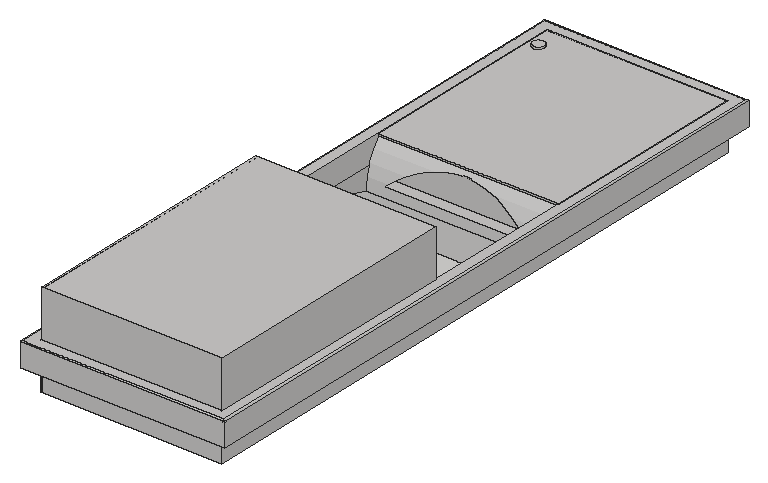
Revit family "rba-bim-B3942", category Specialty Equipment, host Face, Revit 2018
Family settings
  Host = Face
  Round Connector Dimension = Use Diameter
  Part Type = Normal
  OmniClass Number = 23.40.20.21
  OmniClass Title = Toilet and Bath Specialties
  Cut with Voids When Loaded = No
  Shared = No
  Room Calculation Point = No
Parameters (values of type "B-3942")
  Warranty Duration (Years) = 0
  Unit Width = 445.00 mm
  Unit Height = 1430.00 mm
  Unit Depth = 207.963 mm
  URL = "www.rba.com.au"
  Test Data = ""
  Specification = ""
  SpecWizard = ""
  Send Message = "http://www.arcat.com/users.pl?action=UserEmail&company=Bobrick+Washroom+Equipment,+Inc.&coid=30988&rep=156&fax=818-503-1930&mf="
  Sales Information = "http://www.bobrick.com/Pages/ContactUs.aspx"
  Revision = "R1_10_2012"
  Recess Into Host = 50.80 mm
  Product Properties = ""
  Product Data = "http://arcat.com/arcatcos/cos30/arc30988.html?isac=1&r=1"
  Mounting Height [instance] = 1509.319 mm
  Modified Issue = "20210624.01"
  Model = "B3942"
  Materials and Finishes = Stainless Steel - Satin
  Manufacturer Website = "http://www.bobrick.com/Pages/default.aspx"
  Manufacturer Phone - Toll Free = ""
  Manufacturer Phone = "818-764-1000"
  Manufacturer Fax = "818-503-1930"
  Manufacturer Address = "11611 Hart St. North Hollywood, CA 91605-5882"
  Manufacturer = "Bobrick Washroom Equipment, Inc."
  Maintenance Schedule (Months) = 0
  Keynote = "102813"
  Installation-Fabrication = "http://www.bobrick.com/washroomaccessories/Pages/WashroomAccessories.aspx"
  Installation Phase = ""
  Green Building-LEED = ""
  Expected Lifespan (Years) = 0
  Drawn By = "Sumex Design, Inc. / Robert S. Weygant, CSI, CDT, SCIP"
  Description = "Semi-Recessed Convertible Combination Towel and Waste Unit"
  Default Elevation = 1219.20 mm
  Copyright by = "RBA Group"  # constant formula
  Construction Details = ""
  Capacity = "600 C-fold Towels  ;  800 Multifold Towels  ;  12 gal Waste"
  Building Codes = ""
  Assembly Code = "E1090900"
Reference planes
  plane 1 "Center (Front/Back)": y = -320.994
  plane 2: z = 0.4
  plane 3 "Center (Left/Right)": x = 0
  plane 4: y = 394.006
  plane 5: y = -1035.994
  plane 6: x = -222.5
  plane 7: x = 222.5
  plane 8: z = -47.438
  plane 9: z = 51.2
  plane 10: z = 55.962
  plane 11: z = 157.562
  plane 12 "ADA MOUNT LINE": y = -112.406
  plane 13 "FF": y = -1140.313
  plane 14: y = 369.006
  plane 15: z = 52.562
Forms (mm)
  Sweep 1, solid, material "Stainless Steel - Satin" <- "Materials and Finishes"
    path origin (0, 0, 0) x (1, 0, 0) y (0, 1, 0)
      loop
        line (-197.5, 369.006) -> (-197.5, -1010.994) -> (197.5, -1010.994) -> (197.5, 369.006) -> (-197.5, 369.006)
    profile origin (0, 369.006, 0) x (0, 1, 0) y (0, 0, 1)
      loop
        line (25.4, 3) -> (25.4, 52.562)
        arc (25.4, 52.562) -> (24.521, 54.684) -> (22.4, 55.562) r 3
        line (22.4, 55.562) -> (0, 55.562) -> (0, 3) -> (25.4, 3)
  Extrusion 2, void
    sketch origin (0, 0, 0) x (1, 0, 0) y (0, 1, 0)
      loop
        line (-207.419, 378.925) -> (-207.419, -1020.913) -> (207.419, -1020.913) -> (207.419, 378.925) -> (-207.419, 378.925)
    from 71.438 to -47.438
  Extrusion 3, solid, material "Stainless Steel - Satin" <- "Materials and Finishes"
    sketch origin (-25.003, 0, 0) x (1, 0, 0) y (0, 1, 0)
      loop
        line (-171.053, 367.981) -> (-171.053, -1009.969) -> (221.059, -1009.969) -> (221.059, 367.981) -> (-171.053, 367.981)
      loop
        line (-173.434, -1012.35) -> (223.441, -1012.35) -> (223.441, 370.362) -> (-173.434, 370.362) -> (-173.434, -1012.35)
    from -47.438 to 3
  Extrusion 4, solid, material "Stainless Steel - Satin" <- "Materials and Finishes"
    sketch origin (0, 0, 50.987) x (1, 0, 0) y (0, 1, 0)
      loop
        line (-194.719, -1010.594) -> (194.719, -1010.594) -> (194.719, 366.225) -> (-194.719, 366.225) -> (-194.719, -1010.594)
    from -98.425 to -95.25
  Extrusion 5, void
    sketch origin (0, -320.994, 8.731) x (1, 0, 0) y (0, 0, 1)
      loop
        line (-156.619, -29.312) -> (156.619, -29.312)
        arc (156.619, -29.312) -> (0, 32.632) -> (-156.619, -29.312) r 228.97
    from -154.571 to -224.397
  Extrusion 6, solid, material "Stainless Steel - Satin" <- "Materials and Finishes"
    sketch origin (-300.688, -1035.994, 1220.562) x (-1, 0, 0) y (0, 0, 1)
      loop
        line (-103.588, -1263.462) -> (-103.588, -1063) -> (-497.788, -1063) -> (-497.788, -1263.462) -> (-103.588, -1263.462)
      loop
        line (-106.763, -1064.812) -> (-494.613, -1064.812) -> (-494.613, -1260.287) -> (-106.763, -1260.287) -> (-106.763, -1064.812)
    from 25.4 to 610.4
  Extrusion 7, solid, material "Stainless Steel - Satin" <- "Materials and Finishes"
    sketch origin (-300.688, -1035.994, 1219.2) x (-1, 0, 0) y (0, 0, 1)
      loop
        line (-103.588, -1260.287) -> (-103.588, -1061.638) -> (-497.788, -1061.638) -> (-497.788, -1260.287) -> (-103.588, -1260.287)
    from 25.4 to 27.781
  Extrusion 8, solid, material "Stainless Steel - Satin" <- "Materials and Finishes"
    sketch origin (0, 3.406, 50.8) x (1, 0, 0) y (0, 1, 0)
      loop
        line (-195.012, 365.6) -> (-195.012, -94.4) -> (197.1, -94.4) -> (197.1, 365.6) -> (-195.012, 365.6)
    from 0 to 4.763
  Extrusion 9, solid, material "Stainless Steel - Satin" <- "Materials and Finishes"
    sketch origin (0, 0, 50.8) x (1, 0, 0) y (0, 1, 0)
      loop
        circle (-173.869, 317.806) r 12.7
    from 4.763 to 7.937
  Extrusion 10, solid, material "Stainless Steel - Satin" <- "Materials and Finishes"
    sketch origin (0, 0, 0) x (0, 1, 0) y (0, 0, 1)
      loop
        arc (-90.986, -44.295) -> (-79.048, 8.479) -> (-45.842, 51.2) r 124.454
        line (-45.842, 51.2) -> (-88.594, 51.2)
        arc (-88.594, 51.2) -> (-116.897, 8.932) -> (-126.806, -40.963) r 129.945
        line (-126.806, -40.963) -> (-287.625, 6.693) -> (-425.769, -41.087) -> (-425.769, -44.263) -> (-287.738, 3.476) -> (-126.566, -44.295) -> (-90.986, -44.295)
    from -196.056 to 196.056
Cuts and joins
  Extrusion 5 cuts Extrusion 3
  Extrusion 5 cuts Extrusion 4
  joined: Sweep 1, Extrusion 3, Extrusion 4
  joined: Extrusion 6, Extrusion 7
  Extrusion 5 cuts Extrusion 10
Lines and regions (mm)
  symbolic lines, style "SpecialityEquipmentHiddenLines"
    curve 1: line (-197.1, 368.606, 0) -> (197.1, 140.006, 0)
    curve 2: line (197.1, 140.006, 0) -> (-197.1, -88.594, 0)
Dimensions and locks
  equal spacing: plane 4, plane 1 "Center (Front/Back)", plane 5
  "Unit Height": plane 4 to plane 5
  equal spacing: plane 6, plane 3 "Center (Left/Right)", plane 7
  "Unit Width": plane 6 to plane 7
  level to plane 8 = 47.437 mm
  Extrusion 3 sketch curve to Extrusion 3 sketch curve = 392.112 mm
  equal spacing: Extrusion 3 sketch curve, plane 3 "Center (Left/Right)", Extrusion 3 sketch curve
  Extrusion 3 sketch curve to Extrusion 3 sketch curve = 1377.95 mm
  cut or joined group of Sweep 1, Extrusion 3, Extrusion 4, Extrusion 5 to cut or joined group of Sweep 1, Extrusion 3, Extrusion 4, Extrusion 5 = 392.112 mm
  equal spacing: Extrusion 3 sketch curve, plane 1 "Center (Front/Back)", Extrusion 3 sketch curve
  locked: plane 9 to host face at 50.8
  locked: plane 10 to plane 9 at 4.763
  locked: plane 11 to plane 10 at 101.6
  Extrusion 8 sketch curve to Extrusion 8 sketch curve = 392.112 mm
  locked: plane 12 "ADA MOUNT LINE" to plane 4 at 506.413
  plane 13 "FF" to cut or joined group of Sweep 1, Extrusion 3, Extrusion 4, Extrusion 5 = 1510.675 mm
  locked: plane 4 to plane 14 at 25
  "Mounting Height": plane 14 to plane 13 "FF"
  aligned and locked: plane 2 to host face
  aligned and locked: Extrusion 2 to plane 8
  aligned and locked: Extrusion 3 to plane 8
Automatic sketch dimensions
  host sketch curve to host sketch curve = 2438.40 mm  (x2)
  plane 6 to Sweep 1 sketch curve = 25.00 mm
  Sweep 1 sketch curve to plane 7 = 25.00 mm
  plane 5 to Sweep 1 sketch curve = 25.00 mm
  Sweep 1 sketch curve to plane 4 = 25.00 mm
  plane 6 to Extrusion 2 sketch curve = 15.081 mm
  Extrusion 2 sketch curve to plane 7 = 15.081 mm
  plane 5 to Extrusion 2 sketch curve = 15.081 mm
  Extrusion 2 sketch curve to plane 4 = 15.081 mm
  plane 6 to Extrusion 4 sketch curve = 27.781 mm
  Extrusion 4 sketch curve to plane 7 = 27.781 mm
  plane 5 to Extrusion 4 sketch curve = 25.40 mm
  Extrusion 4 sketch curve to plane 4 = 27.781 mm
  Extrusion 5 sketch curve to plane 3 "Center (Left/Right)" = 0.00 mm
  Extrusion 5 sketch curve to level = 20.581 mm
  plane 6 to Extrusion 5 sketch curve = 65.881 mm
  Extrusion 5 sketch curve to plane 8 = 140.169 mm
  Extrusion 8 sketch curve to plane 7 = 25.40 mm
  plane 6 to Extrusion 9 sketch curve = 48.631 mm
  Extrusion 9 sketch curve to plane 4 = 76.20 mm
  Extrusion 8 sketch curve to plane 1 "Center (Front/Back)" = 230.00 mm
  Extrusion 7 sketch curve to plane 11 = 0.00 mm
  plane 8 to Extrusion 7 sketch curve = 6.35 mm
  Extrusion 7 sketch curve to plane 7 = 25.40 mm
  plane 6 to Extrusion 7 sketch curve = 25.40 mm
  Extrusion 6 sketch curve to plane 11 = 0.00 mm
  plane 8 to Extrusion 6 sketch curve = 4.538 mm
  Extrusion 6 sketch curve to plane 7 = 25.40 mm
  Extrusion 6 sketch curve to Extrusion 6 sketch curve = 3.175 mm  (x2)
  plane 8 to Extrusion 6 sketch curve = 7.713 mm
  plane 6 to Extrusion 6 sketch curve = 28.575 mm
  Extrusion 6 sketch curve to plane 11 = 1.812 mm
  Extrusion 3 sketch curve to Extrusion 3 sketch curve = 2.381 mm  (x4)
  Extrusion 10 sketch curve to plane 9 = 0.00 mm
  plane 1 "Center (Front/Back)" to Extrusion 10 sketch curve = 104.775 mm
  plane 8 to Extrusion 10 sketch curve = 3.175 mm
  level to Extrusion 10 sketch curve = 3.476 mm
  Extrusion 10 sketch curve to plane 1 "Center (Front/Back)" = 33.256 mm
  level to Extrusion 10 sketch curve = 6.693 mm
  Extrusion 10 sketch curve to Extrusion 10 sketch curve = 0.113 mm
  plane 8 to Extrusion 10 sketch curve = 6.475 mm
  plane 12 "ADA MOUNT LINE" to Extrusion 10 sketch curve = 14.399 mm
  Extrusion 10 sketch curve to Extrusion 10 sketch curve = 0.239 mm
  plane 8 to Extrusion 10 sketch curve = 3.143 mm
  Extrusion 10 sketch curve to plane 12 "ADA MOUNT LINE" = 21.421 mm
  Extrusion 10 sketch curve to plane 12 "ADA MOUNT LINE" = 23.813 mm
  Extrusion 10 sketch curve to Extrusion 10 sketch curve = 42.751 mm
  plane 8 to Extrusion 10 sketch curve = 6.601 mm
  plane 8 to Extrusion 10 sketch curve = 2.728 mm
  Extrusion 10 sketch curve to Extrusion 10 sketch curve = 3.175 mm
  plane 6 to curve 2 = 25.40 mm
  plane 6 to curve 1 = 25.40 mm
  curve 2 to plane 7 = 25.40 mm
  curve 2 to plane 12 "ADA MOUNT LINE" = 23.813 mm
  curve 2 to plane 12 "ADA MOUNT LINE" = 252.413 mm
  curve 1 to plane 4 = 25.40 mm
  level to Sweep 1 sketch curve = 3.00 mm
  Sweep 1 sketch curve to profile plane = 0.00 mm
  Sweep 1 sketch curve to profile plane = 22.40 mm
  Sweep 1 sketch curve to profile plane = 25.40 mm
  level to Sweep 1 sketch curve = 52.562 mm
  Extrusion 8 sketch curve to plane 14 = 0.00 mm
  radius of Extrusion 9 sketch curve = 12.70 mm
